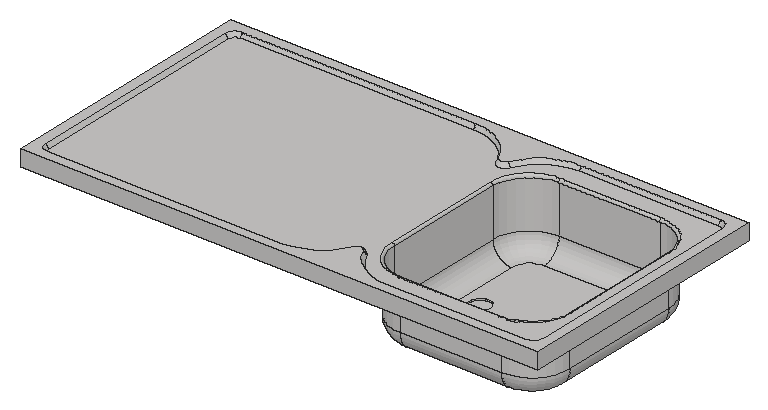
Revit family
Parameters (values of type "1050 X 535")
  Waste Connection Diameter = 40 mm
  Width Of Bowl = 400 mm
  Waste Connection Radius = Waste Connection Diameter / 2  # 20 mm
  Waste Connection = 1 = 1  # yes
  WFU = 0
  Vent Connection = 1 = 0  # no
  URL = "http://www.autospec.co.za/browse.php?id=1937217983"
  Product Code = "SSO-1050-SE"
  OmniClass Title = ""
  OmniClass Number = ""
  Modspec Classification = ""
  Specification = ""
  Material = Stainless Steel Grade 304
  Location (revit room) = ""
  Length Of Bowl = 355 mm
  HW Connection = 1 = 0  # no
  Description = ""
  Depth Of Bowl = 150 mm
  Colour = none
  CW Connection = 1 = 0  # no
  Body Finish = none
  Width = 535 mm
  Model = "Right Hand Sit-On Sink Single End Bowl SSO-1050-SE"
  Manufacturer = "Kwikot"  # constant formula
  Length = 1050 mm
  Assembly Code = "D2010410"
Reference planes
  plane 1 "Center (Front/Back)": y = 0
  plane 2 "Bottom": z = 0
  plane 3 "Center (Left/Right)": x = 0
  plane 4 "Right": x = 1050
  plane 5 "Back": y = 535
  plane 6 "Top": z = 150
  plane 7: z = 118
  plane 8: x = 645
  plane 9: x = 1000
  plane 10: y = 267.5
  plane 11: y = 467.5
  plane 12: y = 67.5
  plane 13: x = 822.5
  plane 14: z = 142
Forms (mm)
  Sweep 1, solid, material "Stainless Steel Grade 304" <- "Material"
    path origin (-60.109, -1524, 150) x (-1, 0, 0) y (0, -1, 0)
      loop
        line (-60.109, -2059) -> (-60.109, -1524) -> (-1110.109, -1524) -> (-1110.109, -2059) -> (-60.109, -2059)
    profile origin (525, 535, 150) x (0, 1, 0) y (0, 0, 1)
      loop
        line (-15, 0) -> (-15, -10.5) -> (-2.5, -10.5) -> (-2.5, -29.5) -> (-10, -29.5) -> (-10, -32) -> (0, -32) -> (0, 0) -> (-15, 0)
  Extrusion 2, solid, material "Stainless Steel Grade 304" <- "Material"
    sketch origin (-60.109, -1524, 150) x (-1, 0, 0) y (0, -1, 0)
      loop
        line (-75.109, -1539) -> (-1095.109, -1539) -> (-1095.109, -2044) -> (-75.109, -2044) -> (-75.109, -1539)
    from 0 to -10.5
  Extrusion 3, void
    sketch origin (-60.109, -1524, 150) x (0, -1, 0) y (-1, 0, 0)
      loop
        line (-1991.5, -780.109) -> (-1991.5, -985.109)
        arc (-1991.5, -985.109) -> (-1969.533, -1038.142) -> (-1916.5, -1060.109) r 75
        line (-1916.5, -1060.109) -> (-1666.5, -1060.109)
        arc (-1666.5, -1060.109) -> (-1613.467, -1038.142) -> (-1591.5, -985.109) r 75
        line (-1591.5, -985.109) -> (-1591.5, -780.109)
        arc (-1591.5, -780.109) -> (-1613.467, -727.076) -> (-1666.5, -705.109) r 75
        line (-1666.5, -705.109) -> (-1916.5, -705.109)
        arc (-1916.5, -705.109) -> (-1969.533, -727.076) -> (-1991.5, -780.109) r 75
    from 0 to 10.5
  Sweep 4, solid, material "Stainless Steel Grade 304" <- "Material"
    path origin (-60.109, -1524, 150) x (-1, 0, 0) y (0, -1, 0)
      loop
        arc (-780.109, -1991.5) -> (-727.076, -1969.533) -> (-705.109, -1916.5) r 75
        line (-705.109, -1916.5) -> (-705.109, -1666.5)
        arc (-705.109, -1666.5) -> (-727.076, -1613.467) -> (-780.109, -1591.5) r 75
        line (-780.109, -1591.5) -> (-985.109, -1591.5)
        arc (-985.109, -1591.5) -> (-1038.142, -1613.467) -> (-1060.109, -1666.5) r 75
        line (-1060.109, -1666.5) -> (-1060.109, -1916.5)
        arc (-1060.109, -1916.5) -> (-1038.142, -1969.533) -> (-985.109, -1991.5) r 75
        line (-985.109, -1991.5) -> (-780.109, -1991.5)
    profile origin (822.5, 467.5, 150) x (0, 1, 0) y (0, 0, 1)
      loop
        line (0, -10.5) -> (0, -110)
        arc (0, -110) -> (-10.983, -136.517) -> (-37.5, -147.5) r 37.5
        line (-37.5, -147.5) -> (-37.5, -150)
        arc (-37.5, -150) -> (-9.216, -138.284) -> (2.5, -110) r 40
        line (2.5, -110) -> (2.5, -10.5) -> (0, -10.5)
  Extrusion 5, solid, material "Stainless Steel Grade 304" <- "Material"
    sketch origin (0, 0, 0) x (1, 0, 0) y (0, 1, 0)
      loop
        arc (682.5, 142.5) -> (693.483, 115.983) -> (720, 105) r 37.5
        line (720, 105) -> (925, 105)
        arc (925, 105) -> (951.517, 115.983) -> (962.5, 142.5) r 37.5
        line (962.5, 142.5) -> (962.5, 392.5)
        arc (962.5, 392.5) -> (951.517, 419.017) -> (925, 430) r 37.5
        line (925, 430) -> (720, 430)
        arc (720, 430) -> (693.483, 419.017) -> (682.5, 392.5) r 37.5
        line (682.5, 392.5) -> (682.5, 142.5)
      loop
        circle (720, 267.5) r 20
    from 0 to 2.5
  Blend 6, void
    base sketch origin (0, 0, 150) x (-1, 0, 0) y (0, -1, 0)
      loop
        line (-20, -495) -> (-20, -40)
        arc (-20, -40) -> (-25.858, -25.858) -> (-40, -20) r 20
        line (-40, -20) -> (-512.5, -20)
        arc (-512.5, -20) -> (-571.199, -37.44) -> (-610.851, -84.103) r 107.5
        arc (-610.851, -84.103) -> (-620, -90.066) -> (-629.149, -84.103) r 10
        arc (-629.149, -84.103) -> (-668.801, -37.44) -> (-727.5, -20) r 107.5
        line (-727.5, -20) -> (-1010, -20)
        arc (-1010, -20) -> (-1024.142, -25.858) -> (-1030, -40) r 20
        line (-1030, -40) -> (-1030, -495)
        arc (-1030, -495) -> (-1024.142, -509.142) -> (-1010, -515) r 20
        line (-1010, -515) -> (-727.5, -515)
        arc (-727.5, -515) -> (-668.801, -497.56) -> (-629.149, -450.897) r 107.5
        arc (-629.149, -450.897) -> (-620, -444.934) -> (-610.851, -450.897) r 10
        arc (-610.851, -450.897) -> (-571.199, -497.56) -> (-512.5, -515) r 107.5
        line (-512.5, -515) -> (-40, -515)
        arc (-40, -515) -> (-25.858, -509.142) -> (-20, -495) r 20
    top sketch origin (0, 0, 150) x (-1, 0, 0) y (0, -1, 0)
      loop
        line (-25, -495) -> (-25, -40)
        arc (-25, -40) -> (-29.393, -29.393) -> (-40, -25) r 15
        line (-40, -25) -> (-512.5, -25)
        arc (-512.5, -25) -> (-568.468, -41.629) -> (-606.277, -86.121) r 102.5
        arc (-606.277, -86.121) -> (-620, -95.066) -> (-633.723, -86.121) r 15
        arc (-633.723, -86.121) -> (-671.532, -41.629) -> (-727.5, -25) r 102.5
        line (-727.5, -25) -> (-1010, -25)
        arc (-1010, -25) -> (-1020.607, -29.393) -> (-1025, -40) r 15
        line (-1025, -40) -> (-1025, -495)
        arc (-1025, -495) -> (-1020.607, -505.607) -> (-1010, -510) r 15
        line (-1010, -510) -> (-727.5, -510)
        arc (-727.5, -510) -> (-671.532, -493.371) -> (-633.723, -448.879) r 102.5
        arc (-633.723, -448.879) -> (-620, -439.934) -> (-606.277, -448.879) r 15
        arc (-606.277, -448.879) -> (-568.468, -493.371) -> (-512.5, -510) r 102.5
        line (-512.5, -510) -> (-40, -510)
        arc (-40, -510) -> (-29.393, -505.607) -> (-25, -495) r 15
    from 0 to -8
  Extrusion 7, solid, material "Stainless Steel Grade 304" <- "Material"
    sketch origin (0, 0, 0) x (1, 0, 0) y (0, 1, 0)
      loop
        circle (720, 267.5) r 20
    from 0 to -5
  Sweep 8, void
    path origin (-60.109, -1524, 150) x (-1, 0, 0) y (0, -1, 0)
      loop
        line (-985.109, -1991.5) -> (-780.109, -1991.5)
        arc (-780.109, -1991.5) -> (-727.076, -1969.533) -> (-705.109, -1916.5) r 75
        line (-705.109, -1916.5) -> (-705.109, -1666.5)
        arc (-705.109, -1666.5) -> (-727.076, -1613.467) -> (-780.109, -1591.5) r 75
        line (-780.109, -1591.5) -> (-985.109, -1591.5)
        arc (-985.109, -1591.5) -> (-1038.142, -1613.467) -> (-1060.109, -1666.5) r 75
        line (-1060.109, -1666.5) -> (-1060.109, -1916.5)
        arc (-1060.109, -1916.5) -> (-1038.142, -1969.533) -> (-985.109, -1991.5) r 75
    profile origin (822.5, 467.5, 150) x (0, -1, 0) y (0, 0, 1)
      loop
        line (0, -8) -> (-5, -8)
        arc (-5, -8) -> (-1.464, -9.464) -> (0, -13) r 5
        line (0, -13) -> (0, -8)
Cuts and joins
  Extrusion 3, Blend 6, Sweep 8 cuts Sweep 1
  Extrusion 3, Blend 6, Sweep 8 cuts Extrusion 2
  Blend 6, Sweep 8 cuts Sweep 4
  Blend 6, Sweep 8 cuts Extrusion 5
  Sweep 8 cuts Extrusion 7
  joined: Sweep 1, Extrusion 2, Sweep 4, Extrusion 5, Extrusion 7
Lines and regions (mm)
  symbolic lines
    curve 1: line (0, 535, 150) -> (0, 0, 150)
    curve 2: line (0, 0, 150) -> (1050, 0, 150)
    curve 3: line (1050, 0, 150) -> (1050, 535, 150)
    curve 4: line (1050, 535, 150) -> (0, 535, 150)
    curve 5: line (645, 392.5, 150) -> (645, 142.5, 150)
    curve 6: arc (720, 467.5, 150) -> (666.967, 445.533, 150) -> (645, 392.5, 150) r 75
    curve 7: line (925, 467.5, 150) -> (720, 467.5, 150)
    curve 8: arc (1000, 392.5, 150) -> (978.033, 445.533, 150) -> (925, 467.5, 150) r 75
    curve 9: line (1000, 142.5, 150) -> (1000, 392.5, 150)
    curve 10: arc (925, 67.5, 150) -> (978.033, 89.467, 150) -> (1000, 142.5, 150) r 75
    curve 11: line (720, 67.5, 150) -> (925, 67.5, 150)
    curve 12: arc (645, 142.5, 150) -> (666.967, 89.467, 150) -> (720, 67.5, 150) r 75
    curve 29: arc (740, 267.5, 150) -> (720, 247.5, 150) -> (700, 267.5, 150) r 20
    curve 30: arc (700, 267.5, 150) -> (720, 287.5, 150) -> (740, 267.5, 150) r 20
    curve 33: line (20, 40, 150) -> (20, 495, 150)
    curve 34: arc (20, 495, 150) -> (25.858, 509.142, 150) -> (40, 515, 150) r 20
    curve 35: line (40, 515, 150) -> (512.5, 515, 150)
    curve 36: arc (512.5, 515, 150) -> (571.199, 497.56, 150) -> (610.851, 450.897, 150) r 107.5
    curve 37: arc (610.851, 450.897, 150) -> (620, 444.934, 150) -> (629.149, 450.897, 150) r 10
    curve 38: arc (629.149, 450.897, 150) -> (668.801, 497.56, 150) -> (727.5, 515, 150) r 107.5
    curve 39: arc (727.5, 510, 150) -> (671.532, 493.371, 150) -> (633.723, 448.879, 150) r 102.5
    curve 40: arc (633.723, 448.879, 150) -> (620, 439.934, 150) -> (606.277, 448.879, 150) r 15
    curve 41: arc (606.277, 448.879, 150) -> (568.468, 493.371, 150) -> (512.5, 510, 150) r 102.5
    curve 42: line (512.5, 510, 150) -> (40, 510, 150)
    curve 43: arc (40, 510, 150) -> (29.393, 505.607, 150) -> (25, 495, 150) r 15
    curve 44: line (25, 495, 150) -> (25, 40, 150)
    curve 45: line (1010, 510, 150) -> (727.5, 510, 150)
    curve 46: line (727.5, 515, 150) -> (1010, 515, 150)
    curve 47: arc (1025, 495, 150) -> (1020.607, 505.607, 150) -> (1010, 510, 150) r 15
    curve 48: arc (1010, 515, 150) -> (1024.142, 509.142, 150) -> (1030, 495, 150) r 20
    curve 49: line (1025, 40, 150) -> (1025, 495, 150)
    curve 50: line (1030, 495, 150) -> (1030, 40, 150)
    curve 51: arc (1030, 40, 150) -> (1024.142, 25.858, 150) -> (1010, 20, 150) r 20
    curve 52: arc (1010, 25, 150) -> (1020.607, 29.393, 150) -> (1025, 40, 150) r 15
    curve 53: line (1010, 20, 150) -> (727.5, 20, 150)
    curve 54: line (727.5, 25, 150) -> (1010, 25, 150)
    curve 55: arc (727.5, 20, 150) -> (668.801, 37.44, 150) -> (629.149, 84.103, 150) r 107.5
    curve 56: arc (633.723, 86.121, 150) -> (671.532, 41.629, 150) -> (727.5, 25, 150) r 102.5
    curve 57: arc (606.277, 86.121, 150) -> (620, 95.066, 150) -> (633.723, 86.121, 150) r 15
    curve 58: arc (629.149, 84.103, 150) -> (620, 90.066, 150) -> (610.851, 84.103, 150) r 10
    curve 59: arc (610.851, 84.103, 150) -> (571.199, 37.44, 150) -> (512.5, 20, 150) r 107.5
    curve 60: arc (512.5, 25, 150) -> (568.468, 41.629, 150) -> (606.277, 86.121, 150) r 102.5
    curve 61: line (40, 25, 150) -> (512.5, 25, 150)
    curve 62: line (512.5, 20, 150) -> (40, 20, 150)
    curve 63: arc (25, 40, 150) -> (29.393, 29.393, 150) -> (40, 25, 150) r 15
    curve 64: arc (40, 20, 150) -> (25.858, 25.858, 150) -> (20, 40, 150) r 20
  model lines
    curve 13: line (595, 390, 142) -> (595, 140, 142)
    curve 14: line (50, 470, 142) -> (50, 60, 142)
    curve 15: line (50, 470, 142) -> (515, 470, 142)
    curve 16: line (50, 60, 142) -> (515, 60, 142)
    curve 17: line (577.45, 440, 142) -> (50, 440, 142)
    curve 18: line (592.46, 410, 142) -> (50, 410, 142)
    curve 19: line (595, 380, 142) -> (51.271, 380, 142)
    curve 20: line (595, 350, 142) -> (50, 350, 142)
    curve 21: line (595, 320, 142) -> (50, 320, 142)
    curve 22: line (595, 290, 142) -> (50, 290, 142)
    curve 23: line (595, 230, 142) -> (50, 230, 142)
    curve 24: line (595, 200, 142) -> (50, 200, 142)
    curve 25: line (595, 170, 142) -> (50, 170, 142)
    curve 26: line (595, 140, 142) -> (50, 140, 142)
    curve 27: line (589.162, 110, 142) -> (50, 110, 142)
    curve 28: line (567.915, 80, 142) -> (50, 80, 142)
    curve 31: arc (595, 390, 142) -> (571.569, 446.569, 142) -> (515, 470, 142) r 80
    curve 32: arc (595, 140, 142) -> (571.569, 83.431, 142) -> (515, 60, 142) r 80
    curve 65: line (50, 260, 142) -> (595, 260, 142)
Dimensions and locks
  "Length": plane 3 "Center (Left/Right)" to plane 4 "Right"
  "Width": plane 5 "Back" to plane 1 "Center (Front/Back)"
  "Depth Of Bowl": plane 6 "Top" to plane 2 "Bottom"
  equal spacing: plane 1 "Center (Front/Back)", plane 10, plane 5 "Back"
  "Length Of Bowl": plane 8 to plane 9
  "Width Of Bowl": plane 11 to plane 12
  equal spacing: plane 11, plane 10, plane 12
  equal spacing: plane 8, plane 13, plane 9
  plane 6 "Top" to plane 7 = 32 mm
  Sweep 1 sketch curve to plane 5 "Back" = 10 mm
  Sweep 1 sketch curve to plane 5 "Back" = 15 mm
  plane 6 "Top" to Sweep 1 sketch curve = 10.5 mm
  Sweep 1 sketch curve to plane 5 "Back" = 2.5 mm
  plane 7 to Sweep 1 sketch curve = 2.5 mm
  plane 3 "Center (Left/Right)" to Blend 6 sketch curve = 20 mm
  Blend 6 sketch curve to plane 4 "Right" = 20 mm
  plane 5 "Back" to Blend 6 sketch curve = 20 mm
  plane 1 "Center (Front/Back)" to Blend 6 sketch curve = 20 mm
  var sketch to Blend 6 sketch curve = 5 mm  (x3)
  Blend 6 sketch curve to var sketch = 5 mm
  plane 6 "Top" to plane 14 = 8 mm
  plane 9 to plane 4 "Right" = 50 mm
  plane 3 "Center (Left/Right)" to curve 14 = 50 mm
  plane 8 to Extrusion 5 sketch curve = 75 mm
  radius of Extrusion 3 sketch curve = 75 mm  (x4)
  radius of Sweep 4 sketch curve = 37.5 mm
  radius of Sweep 4 sketch curve = 40 mm
  "Waste Connection Radius": radius of Extrusion 5 sketch curve
  radius of Blend 6 sketch curve = 20 mm  (x4)
  radius of Blend 6 sketch curve = 15 mm  (x6)
  radius of Blend 6 sketch curve = 107.5 mm  (x4)
  radius of Blend 6 sketch curve = 10 mm  (x2)
  radius of Blend 6 sketch curve = 102.5 mm  (x4)
  aligned and locked: level to plane 2 "Bottom"
  aligned and locked: Sweep 1 sketch curve to plane 5 "Back"
  aligned and locked: plane 3 "Center (Left/Right)" to Sweep 1 sketch curve
  aligned and locked: Sweep 1 sketch curve to plane 1 "Center (Front/Back)"
  aligned and locked: plane 4 "Right" to Sweep 1 sketch curve
  aligned and locked: Sweep 1 sketch curve to profile plane
  aligned and locked: plane 7 to Sweep 1 sketch curve
  aligned and locked: profile plane to Sweep 1 sketch curve
  aligned and locked: Extrusion 2 sketch curve to Sweep 1  (x4)
  aligned and locked: Sweep 1 to Extrusion 2
  aligned and locked: plane 6 "Top" to Extrusion 2
  aligned and locked: plane 11 to Extrusion 3 sketch curve
  aligned and locked: Extrusion 3 sketch curve to plane 8
  aligned and locked: Extrusion 3 sketch curve to plane 12
  aligned and locked: plane 9 to Extrusion 3 sketch curve
  aligned and locked: Sweep 1 to Extrusion 3
  aligned and locked: plane 6 "Top" to Extrusion 3
  aligned and locked: Sweep 4 sketch curve to cut or joined group of Sweep 1, Extrusion 2, Extrusion 3, Sweep 4, Extrusion 5, Blend 6, Extrusion 7, Sweep 8  (x5)
  aligned and locked: cut or joined group of Sweep 1, Extrusion 2, Extrusion 3, Sweep 4, Extrusion 5, Blend 6, Extrusion 7, Sweep 8 to Sweep 4 sketch curve
  aligned and locked: plane 2 "Bottom" to Sweep 4 sketch curve
  aligned and locked: Extrusion 5 sketch curve to cut or joined group of Sweep 1, Extrusion 2, Extrusion 3, Sweep 4, Extrusion 5, Blend 6, Extrusion 7, Sweep 8  (x4)
  aligned and locked: plane 10 to Extrusion 5 sketch curve
  aligned and locked: curve 1 to cut or joined group of Sweep 1, Extrusion 2, Extrusion 3, Sweep 4, Extrusion 5, Blend 6, Extrusion 7, Sweep 8
  aligned and locked: curve 2 to cut or joined group of Sweep 1, Extrusion 2, Extrusion 3, Sweep 4, Extrusion 5, Blend 6, Extrusion 7, Sweep 8
  aligned and locked: curve 3 to cut or joined group of Sweep 1, Extrusion 2, Extrusion 3, Sweep 4, Extrusion 5, Blend 6, Extrusion 7, Sweep 8
  aligned and locked: curve 4 to cut or joined group of Sweep 1, Extrusion 2, Extrusion 3, Sweep 4, Extrusion 5, Blend 6, Extrusion 7, Sweep 8
  aligned and locked: curve 6 to cut or joined group of Sweep 1, Extrusion 2, Extrusion 3, Sweep 4, Extrusion 5, Blend 6, Extrusion 7, Sweep 8
  aligned and locked: curve 8 to cut or joined group of Sweep 1, Extrusion 2, Extrusion 3, Sweep 4, Extrusion 5, Blend 6, Extrusion 7, Sweep 8
  aligned and locked: curve 10 to cut or joined group of Sweep 1, Extrusion 2, Extrusion 3, Sweep 4, Extrusion 5, Blend 6, Extrusion 7, Sweep 8
  aligned and locked: curve 12 to cut or joined group of Sweep 1, Extrusion 2, Extrusion 3, Sweep 4, Extrusion 5, Blend 6, Extrusion 7, Sweep 8
  aligned and locked: Extrusion 7 sketch curve to cut or joined group of Sweep 1, Extrusion 2, Extrusion 3, Sweep 4, Extrusion 5, Blend 6, Extrusion 7, Sweep 8  (x2)
  aligned and locked: Sweep 8 sketch curve to cut or joined group of Sweep 1, Extrusion 2, Extrusion 3, Sweep 4, Extrusion 5, Blend 6, Extrusion 7, Sweep 8  (x4)
  aligned and locked: profile plane to Sweep 8 sketch curve
  aligned and locked: cut or joined group of Sweep 1, Extrusion 2, Extrusion 3, Sweep 4, Extrusion 5, Blend 6, Extrusion 7, Sweep 8 to Sweep 8 sketch curve
  aligned and locked: Blend 6 to Sweep 8
  aligned and locked: curve 29 to cut or joined group of Sweep 1, Extrusion 2, Extrusion 3, Sweep 4, Extrusion 5, Blend 6, Extrusion 7, Sweep 8
  aligned and locked: curve 30 to cut or joined group of Sweep 1, Extrusion 2, Extrusion 3, Sweep 4, Extrusion 5, Blend 6, Extrusion 7, Sweep 8
  aligned and locked: Blend 6 sketch curve to Blend 6 sketch curve  (x4)
  aligned and locked: curve 34 to cut or joined group of Sweep 1, Extrusion 2, Extrusion 3, Sweep 4, Extrusion 5, Blend 6, Extrusion 7, Sweep 8
  aligned and locked: curve 36 to cut or joined group of Sweep 1, Extrusion 2, Extrusion 3, Sweep 4, Extrusion 5, Blend 6, Extrusion 7, Sweep 8
  aligned and locked: curve 37 to cut or joined group of Sweep 1, Extrusion 2, Extrusion 3, Sweep 4, Extrusion 5, Blend 6, Extrusion 7, Sweep 8
  aligned and locked: curve 38 to cut or joined group of Sweep 1, Extrusion 2, Extrusion 3, Sweep 4, Extrusion 5, Blend 6, Extrusion 7, Sweep 8
  aligned and locked: curve 39 to cut or joined group of Sweep 1, Extrusion 2, Extrusion 3, Sweep 4, Extrusion 5, Blend 6, Extrusion 7, Sweep 8
  aligned and locked: curve 40 to cut or joined group of Sweep 1, Extrusion 2, Extrusion 3, Sweep 4, Extrusion 5, Blend 6, Extrusion 7, Sweep 8
  aligned and locked: curve 41 to cut or joined group of Sweep 1, Extrusion 2, Extrusion 3, Sweep 4, Extrusion 5, Blend 6, Extrusion 7, Sweep 8
  aligned and locked: curve 43 to cut or joined group of Sweep 1, Extrusion 2, Extrusion 3, Sweep 4, Extrusion 5, Blend 6, Extrusion 7, Sweep 8
  aligned and locked: curve 47 to cut or joined group of Sweep 1, Extrusion 2, Extrusion 3, Sweep 4, Extrusion 5, Blend 6, Extrusion 7, Sweep 8
  aligned and locked: curve 48 to cut or joined group of Sweep 1, Extrusion 2, Extrusion 3, Sweep 4, Extrusion 5, Blend 6, Extrusion 7, Sweep 8
  aligned and locked: curve 51 to cut or joined group of Sweep 1, Extrusion 2, Extrusion 3, Sweep 4, Extrusion 5, Blend 6, Extrusion 7, Sweep 8
  aligned and locked: curve 52 to cut or joined group of Sweep 1, Extrusion 2, Extrusion 3, Sweep 4, Extrusion 5, Blend 6, Extrusion 7, Sweep 8
  aligned and locked: curve 55 to cut or joined group of Sweep 1, Extrusion 2, Extrusion 3, Sweep 4, Extrusion 5, Blend 6, Extrusion 7, Sweep 8
  aligned and locked: curve 56 to cut or joined group of Sweep 1, Extrusion 2, Extrusion 3, Sweep 4, Extrusion 5, Blend 6, Extrusion 7, Sweep 8
  aligned and locked: curve 57 to cut or joined group of Sweep 1, Extrusion 2, Extrusion 3, Sweep 4, Extrusion 5, Blend 6, Extrusion 7, Sweep 8
  aligned and locked: curve 58 to cut or joined group of Sweep 1, Extrusion 2, Extrusion 3, Sweep 4, Extrusion 5, Blend 6, Extrusion 7, Sweep 8
  aligned and locked: curve 59 to cut or joined group of Sweep 1, Extrusion 2, Extrusion 3, Sweep 4, Extrusion 5, Blend 6, Extrusion 7, Sweep 8
  aligned and locked: curve 60 to cut or joined group of Sweep 1, Extrusion 2, Extrusion 3, Sweep 4, Extrusion 5, Blend 6, Extrusion 7, Sweep 8
  aligned and locked: curve 63 to cut or joined group of Sweep 1, Extrusion 2, Extrusion 3, Sweep 4, Extrusion 5, Blend 6, Extrusion 7, Sweep 8
  aligned and locked: curve 64 to cut or joined group of Sweep 1, Extrusion 2, Extrusion 3, Sweep 4, Extrusion 5, Blend 6, Extrusion 7, Sweep 8
Automatic sketch dimensions
  Sweep 4 sketch curve to Sweep 4 sketch curve = 0 mm
  profile plane to Sweep 8 sketch curve = 5 mm
  Sweep 8 sketch curve to Sweep 8 sketch curve = 5 mm  (x2)
  Sweep 8 sketch curve to Sweep 8 sketch curve = 0 mm
  Sweep 8 sketch curve to profile plane = 0 mm
  curve 19 to curve 18 = 1.271 mm
  plane 12 to curve 28 = 12.5 mm
  curve 17 to plane 11 = 27.5 mm
  curve 32 to plane 12 = 7.5 mm
  curve 32 to plane 8 = 130 mm
  curve 13 to curve 20 = 40 mm
  curve 20 to curve 21 = 30 mm
  plane 10 to curve 22 = 22.5 mm
  curve 23 to plane 10 = 37.5 mm
  curve 23 to curve 24 = 30 mm
  curve 25 to curve 26 = 30 mm
  curve 31 to curve 18 = 2.54 mm
  curve 18 to curve 17 = 15.01 mm
  curve 31 to plane 8 = 130 mm
  curve 13 to curve 27 = 5.838 mm
  curve 17 to curve 15 = 62.45 mm
  plane 8 to Blend 6 sketch curve = 82.5 mm
  Blend 6 sketch curve to plane 8 = 15.851 mm  (x2)
  Blend 6 sketch curve to Blend 6 sketch curve = 0 mm  (x7)
  Blend 6 sketch curve to Blend 6 sketch curve = 9.149 mm
  Blend 6 sketch curve to Blend 6 sketch curve = 4.037 mm
  Blend 6 sketch curve to plane 8 = 11.277 mm  (x2)
  Blend 6 sketch curve to Blend 6 sketch curve = 13.723 mm  (x2)
  curve 65 to plane 10 = 7.5 mm
  curve 31 to curve 19 = 10 mm
Connectors
  piping at (720, 267.5, -5), driven by "Waste Connection Radius", driven by "WFU"
    settings: on cut or joined group of Sweep 1, Extrusion 2, Extrusion 3, Sweep 4, Extrusion 5, Blend 6, Extrusion 7, Sweep 8, index 1, connector radius 20 mm, flow factor 0, pipe flow 0.0 L/s, pressure drop 0.0 Pa, fitting loss kfactor 0, connector angle 0.00°, fixture units 0, flow configuration 3, flow direction 2, fitting loss method 4, system type 16, connector reference index -1, connector utility 0, adjustable connector no, is connector primary yes, fitting loss table "", connector description "Waste Connection"
